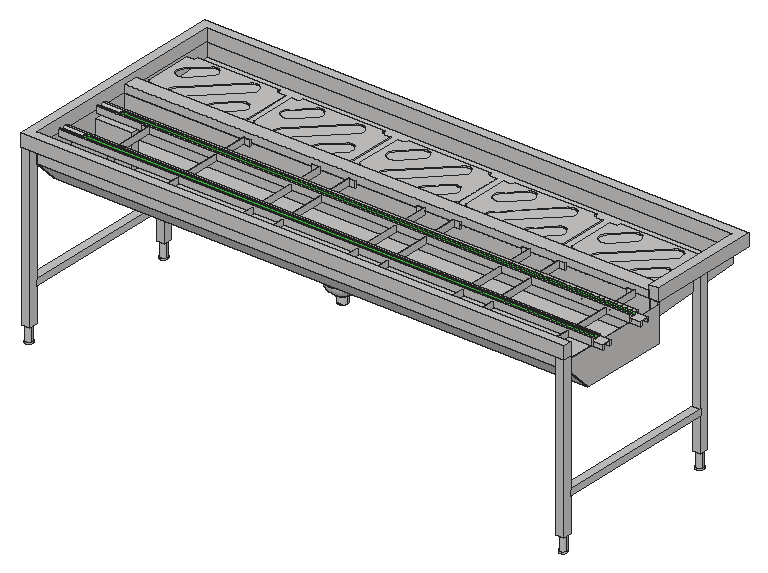
Revit family "QF_ELECTROLUXPROFESSIONAL_865475_HSAS5RL", category Specialty Equipment, Revit 2018
Family settings
  Round Connector Dimension = Use Diameter
  Part Type = Normal
  Work Plane-Based = No
  Always vertical = Yes
  Cut with Voids When Loaded = No
  Shared = No
  Room Calculation Point = No
Parameters (values of type "QF_ELECTROLUX_865475_HSAS5RL")
  Weight = 75.00 kg
  Watts = 0 W
  Volts = 0 V
  URL Manufacturer = "http://professional.electrolux.com"
  URL = "http://professional.electrolux.com"
  Steam Supply Size = 0 mm
  Steam Supply Minimum Pressure = 0.0 Pa
  Steam Supply Maximum Pressure = 0.0 Pa
  Steam Pounds per Hour = 0
  Refrigeration Suction Line Size = 0 mm
  Refrigeration Liquid Line Size = 0 mm
  Refrigerant Compressor Remote = yes
  Manufacturer = "Electrolux"
  Phase = 0
  Model = "HSAS5RL"
  Length Actual = 2640 mm  # constant formula
  Item Number = "865475"
  Hot Water Size = 0 mm
  Height Actual = 910 mm  # constant formula
  HP = "0 HP"
  Gas Size = 0 mm
  Gas KW = 0
  Gas Input Pressure = 0 W
  Description = "AUTOMATIC SORTING TABLE, 5 BASKETS, RIGHT>LEFT, 2640 MM "
  Depth Actual = 1110 mm  # constant formula
  Cycle = 0 Hz
  Condensate Return Size = 0 mm
  Compressed Air Volume = 0.0 L/s
  Compressed Air Size = 0 mm
  Compressed Air Pressure = 0.0 Pa
  Cold Water Size = 0 mm
  Accessory = yes
Reference planes
  plane 1: z = 0
  plane 2 "RIGHT": x = 1320
  plane 3: z = 910
  plane 4: z = 0
  plane 5: z = 270
  plane 6 "BACK": y = 310
  plane 7 "FRONT": y = -810
  plane 8 "LEFT": x = -1320
  plane 9 "Center": y = 0
  plane 10: x = 0
  plane 11: y = -500
  plane 12: y = -594.393
  plane 13: y = -634.393
Forms (mm)
  Extrusion 1, solid, material "QF_Finishes_Stainless Steel"
    sketch origin (0, -500, 0) x (-1, 0, 0) y (0, -1, 0)
      loop
        line (1320, -810) -> (1320, 310) -> (-1320, 310) -> (-1320, 265) -> (1275, 265) -> (1275, -764.81) -> (-1275, -764.81) -> (-1275, -265) -> (-1320, -265) -> (-1320, -810) -> (1320, -810)
    from 850.091 to 910
  Extrusion 2, solid, material "QF_Finishes_Stainless Steel"
    sketch origin (0, -500, 0) x (0, -1, 0) y (0, 0, 1)
      loop
        line (-267.466, 666.943) -> (162.534, 666.943) -> (266.249, 772.13) -> (266.249, 850.091) -> (265, 850.091) -> (265, 775.136) -> (161.279, 669.943) -> (-265, 669.943) -> (-265, 850.091) -> (-267.466, 850.091) -> (-267.466, 666.943)
    from -1317.022 to 1275
  Revolve 3, solid, material "QF_Finishes_Stainless Steel"
    sketch origin (0, -500.526, -194.395) x (-1, 0, 0) y (0, 0, 1)
      loop
        line (76.494, 861.337) -> (0, 861.337) -> (0, 697.377) -> (21.946, 697.377) -> (23.47, 698.838) -> (23.47, 734.749) -> (37.25, 740.749) -> (37.25, 742.336) -> (38.457, 743.987) -> (38.457, 746.476)
        arc (38.457, 746.476) -> (65.844, 763.962) -> (76.494, 794.661) r 49.516
        line (76.494, 794.661) -> (76.494, 834.985)
        arc (76.494, 834.985) -> (75.887, 836.598) -> (74.377, 837.43) r 2.49
        arc (74.377, 837.43) -> (71.083, 841.301) -> (74.39, 845.16) r 3.913
        arc (74.39, 845.16) -> (75.89, 845.987) -> (76.494, 847.59) r 2.474
        line (76.494, 847.59) -> (76.494, 861.337)
      axis (0, 861.337) -> (0, 697.377)
    angle from 0 to 360
  Extrusion 4, solid, material "QF_Finishes_Stainless Steel"
    sketch origin (0, -500, 0) x (-1, 0, 0) y (0, -1, 0)
      loop
        line (-1275, -330.124) -> (1275, -330.124) -> (1275, -265) -> (-1275, -265) -> (-1275, -330.124)
    from 850.091 to 888.506
  Extrusion 5, solid, material "QF_Finishes_Stainless Steel"
    sketch origin (6.015, -500, -632.691) x (-1, 0, 0) y (0, -1, 0)
      loop
        line (1283.015, 266.249) -> (1283.015, -521.738) -> (1323.015, -521.738) -> (1323.015, 266.249) -> (1283.015, 266.249)
    from 872.691 to 902.691
  Extrusion 6, solid, material "QF_Finishes_Stainless Steel"
    sketch origin (1319.022, -500, 0) x (0, -1, 0) y (0, 0, -1)
      loop
        line (162.534, -666.943) -> (-267.466, -666.943) -> (-267.466, -836.936) -> (265, -836.936) -> (265, -850.091) -> (266.249, -850.091) -> (266.249, -772.13) -> (162.534, -666.943)
    from 0 to -2
  Extrusion 7, solid, material "QF_Finishes_Stainless Steel"
    sketch origin (-3.978, -500.054, -628.981) x (1, 0, 0) y (0, 1, 0)
      loop
        line (1283, -266.195) -> (1323, -266.195) -> (1323, 521.792) -> (1283, 521.792) -> (1283, -266.195)
    from 869.081 to 898.981
  Extrusion 8, solid, material "QF_Finishes_Stainless Steel"
    sketch origin (-1277, -500, 0) x (0, -1, 0) y (0, 0, 1)
      loop
        line (162.534, 666.943) -> (266.249, 772.13) -> (266.249, 850.091) -> (265, 850.091) -> (-267.466, 850.091) -> (-267.466, 666.943) -> (162.534, 666.943)
    from 0 to -2
  Extrusion 9, solid, material "QF_Finishes_Stainless Steel"
    sketch origin (1319.022, -500, 0) x (0, -1, 0) y (0, 0, -1)
      loop
        line (94.393, -836.936) -> (92.393, -836.936) -> (92.393, -858.936) -> (136.393, -858.936) -> (136.393, -836.936) -> (134.393, -836.936) -> (134.393, -856.936) -> (94.393, -856.936) -> (94.393, -836.936)
    from -2594.022 to 53.111
  Extrusion 10, solid, material "QF_Finishes_Stainless Steel"
    sketch origin (1319.022, -500, 0) x (0, -1, 0) y (0, 0, -1)
      loop
        line (92.393, -836.936) -> (90.393, -836.936) -> (90.393, -868.936) -> (103.221, -868.936) -> (111.221, -860.936) -> (117.565, -860.936) -> (125.565, -868.936) -> (138.393, -868.936) -> (138.393, -836.936) -> (136.393, -836.936) -> (136.393, -866.936) -> (126.393, -866.936) -> (118.393, -858.936) -> (110.393, -858.936) -> (102.393, -866.936) -> (92.393, -866.936) -> (92.393, -836.936)
    from -2594.022 to 0.978
  Extrusion 11, solid, material "QF_Finishes_Stainless Steel"
    sketch origin (1319.022, -270, 0) x (0, -1, 0) y (0, 0, -1)
      loop
        line (94.393, -836.936) -> (92.393, -836.936) -> (92.393, -858.936) -> (136.393, -858.936) -> (136.393, -836.936) -> (134.393, -836.936) -> (134.393, -856.936) -> (94.393, -856.936) -> (94.393, -836.936)
    from -2594.022 to 53.111
  Extrusion 12, solid, material "QF_Finishes_Stainless Steel"
    sketch origin (1319.022, -270, 0) x (0, -1, 0) y (0, 0, -1)
      loop
        line (92.393, -836.936) -> (90.393, -836.936) -> (90.393, -868.936) -> (103.221, -868.936) -> (111.221, -860.936) -> (117.565, -860.936) -> (125.565, -868.936) -> (138.393, -868.936) -> (138.393, -836.936) -> (136.393, -836.936) -> (136.393, -866.936) -> (126.393, -866.936) -> (118.393, -858.936) -> (110.393, -858.936) -> (102.393, -866.936) -> (92.393, -866.936) -> (92.393, -836.936)
    from -2594.022 to 0.978
  Sweep 13, solid, material "QF_Finishes_Green"
    path origin (299.022, -390.58, 875.352) x (0, -0.0016, 0.999999) y (1, 0, 0)
      loop
        line (-6.295, 1020.978) -> (-6.295, -1449.022)
        arc (-6.295, -1449.022) -> (-15.081, -1470.236) -> (-36.295, -1479.022) r 30
        line (-36.295, -1479.022) -> (-41.295, -1479.022)
    profile origin (85, -390.569, 869.057) x (0, -0.0016, 0.999999) y (0, 0.999999, 0.0016)
      loop
        circle (-1.513, 6.483) r 6.399
  Sweep 14, solid, material "QF_Finishes_Green"
    path origin (299.022, -620.58, 875.352) x (0, -0.0016, 0.999999) y (1, 0, 0)
      loop
        line (-6.295, 1020.978) -> (-6.295, -1449.022)
        arc (-6.295, -1449.022) -> (-15.081, -1470.236) -> (-36.295, -1479.022) r 30
        line (-36.295, -1479.022) -> (-41.295, -1479.022)
    profile origin (85, -620.569, 869.057) x (0, -0.0016, 0.999999) y (0, 0.999999, 0.0016)
      loop
        circle (-1.513, 6.483) r 6.399
  Extrusion 15, solid, material "QF_Finishes_Stainless Steel"
    sketch origin (0, -500, 0) x (1, 0, 0) y (0, 1, 0)
      loop
        line (-662.58, 265) -> (-694.789, 265) -> (-694.789, -265) -> (-327.015, -265) -> (-327.015, 265) -> (-359.388, 265) -> (-359.388, 262) -> (-330.015, 262) -> (-330.015, -262) -> (-691.789, -262) -> (-691.789, 262) -> (-662.58, 262) -> (-662.58, 265)
    from 831.234 to 860.936
  Extrusion 16, solid, material "QF_Finishes_Stainless Steel"
    sketch origin (510, -500, 0) x (1, 0, 0) y (0, 1, 0)
      loop
        line (-662.58, 265) -> (-694.789, 265) -> (-694.789, -265) -> (-327.015, -265) -> (-327.015, 265) -> (-359.388, 265) -> (-359.388, 262) -> (-330.015, 262) -> (-330.015, -262) -> (-691.789, -262) -> (-691.789, 262) -> (-662.58, 262) -> (-662.58, 265)
    from 831.234 to 860.936
  Extrusion 17, solid, material "QF_Finishes_Stainless Steel"
    sketch origin (0, -500, 0) x (1, 0, 0) y (0, 1, 0)
      loop
        line (-1247.085, -53.571) -> (-1247.085, -90.393) -> (-1072.085, -90.393) -> (-1072.085, -53.571) -> (-1247.085, -53.571)
    from 669.943 to 836.936
  Extrusion 18, solid, material "QF_Finishes_Stainless Steel"
    sketch origin (0, -354.822, 0) x (1, 0, 0) y (0, 1, 0)
      loop
        line (-1247.085, -53.571) -> (-1247.085, -90.393) -> (-1072.085, -90.393) -> (-1072.085, -53.571) -> (-1247.085, -53.571)
    from 669.943 to 836.936
  Extrusion 19, solid, material "QF_Finishes_Stainless Steel"
    sketch origin (0, -500, 0) x (1, 0, 0) y (0, 1, 0)
      loop
        line (-1047.085, 91.607) -> (-1047.085, 88.607) -> (-1018.387, 88.607) -> (-1018.387, -90.393) -> (-987.085, -90.393) -> (-987.085, -87.393) -> (-1015.387, -87.393) -> (-1015.387, 91.607) -> (-1047.085, 91.607)
    from 836.936 to 868.936
  Extrusion 20, solid, material "QF_Finishes_Stainless Steel"
    sketch origin (1319.022, -500, 0) x (0, -1, 0) y (0, 0, -1)
      loop
        line (-767.81, -850.091) -> (-764.81, -850.091) -> (-764.81, -784.846) -> (-270.466, -750.278) -> (-270.466, -850.091) -> (-267.466, -850.091) -> (-267.466, -747.061) -> (-767.81, -782.048) -> (-767.81, -850.091)
    from -2594.022 to -42
  Extrusion 21, solid, material "QF_Finishes_Stainless Steel"
    sketch origin (1319.022, -500, 0) x (0, -1, 0) y (0, 0, -1)
      loop
        line (-767.81, -850.091) -> (-267.466, -850.091) -> (-267.466, -747.061) -> (-767.81, -782.048) -> (-767.81, -850.091)
    from -40 to -42
  Extrusion 22, solid, material "QF_Finishes_Stainless Steel"
    sketch origin (-1319.022, -500, 0) x (0, -1, 0) y (0, 0, 1)
      loop
        line (-767.81, 850.091) -> (-767.81, 782.048) -> (-267.466, 747.061) -> (-267.466, 850.091) -> (-767.81, 850.091)
    from -42.022 to -44.022
  Extrusion 23, solid, material "QF_Finishes_Stainless Steel"
    sketch origin (-7.5, -500, 842.5) x (1, 0, 0) y (0, 1, 0)
      loop
        line (-1220.383, 339.221) -> (-825.383, 339.221) -> (-825.383, 389.221) -> (-795.383, 389.221)
        arc (-795.383, 389.221) -> (-784.776, 393.614) -> (-780.383, 404.221) r 15
        line (-780.383, 404.221) -> (-780.383, 634.221) -> (-810.383, 634.221)
        arc (-810.383, 634.221) -> (-820.989, 638.614) -> (-825.383, 649.221) r 15
        line (-825.383, 649.221) -> (-825.383, 654.221) -> (-1220.383, 654.221) -> (-1220.383, 644.221)
        arc (-1220.383, 644.221) -> (-1223.312, 637.149) -> (-1230.383, 634.221) r 10
        line (-1230.383, 634.221) -> (-1260.383, 634.221) -> (-1260.383, 409.221)
        arc (-1260.383, 409.221) -> (-1254.525, 395.078) -> (-1240.383, 389.221) r 20
        line (-1240.383, 389.221) -> (-1220.383, 389.221) -> (-1220.383, 339.221)
      loop
        arc (-1214.7, 558.44) -> (-1214.7, 505.407) -> (-1161.667, 505.407) r 37.5
        line (-1161.667, 505.407) -> (-1085.887, 581.188)
        arc (-1085.887, 581.188) -> (-1092.336, 627.771) -> (-1138.92, 634.221) r 38.966
        line (-1138.92, 634.221) -> (-1214.7, 558.44)
      loop
        arc (-1146.92, 425.368) -> (-1146.92, 372.335) -> (-1093.887, 372.335) r 37.5
        line (-1093.887, 372.335) -> (-883.322, 582.9)
        arc (-883.322, 582.9) -> (-895.135, 629.379) -> (-943.092, 629.196) r 38.966
        line (-943.092, 629.196) -> (-1146.92, 425.368)
      loop
        arc (-956.718, 418.538) -> (-956.718, 365.505) -> (-903.685, 365.505) r 37.5
        line (-903.685, 365.505) -> (-827.905, 441.286)
        arc (-827.905, 441.286) -> (-834.354, 487.869) -> (-880.938, 494.319) r 38.966
        line (-880.938, 494.319) -> (-956.718, 418.538)
    from 0 to 3
  Extrusion 24, solid, material "QF_Finishes_Stainless Steel"
    sketch origin (502.5, -500, 842.5) x (1, 0, 0) y (0, 1, 0)
      loop
        line (-1220.383, 339.221) -> (-825.383, 339.221) -> (-825.383, 389.221) -> (-795.383, 389.221)
        arc (-795.383, 389.221) -> (-784.776, 393.614) -> (-780.383, 404.221) r 15
        line (-780.383, 404.221) -> (-780.383, 634.221) -> (-810.383, 634.221)
        arc (-810.383, 634.221) -> (-820.989, 638.614) -> (-825.383, 649.221) r 15
        line (-825.383, 649.221) -> (-825.383, 654.221) -> (-1220.383, 654.221) -> (-1220.383, 644.221)
        arc (-1220.383, 644.221) -> (-1223.312, 637.149) -> (-1230.383, 634.221) r 10
        line (-1230.383, 634.221) -> (-1260.383, 634.221) -> (-1260.383, 409.221)
        arc (-1260.383, 409.221) -> (-1254.525, 395.078) -> (-1240.383, 389.221) r 20
        line (-1240.383, 389.221) -> (-1220.383, 389.221) -> (-1220.383, 339.221)
      loop
        arc (-1214.7, 558.44) -> (-1214.7, 505.407) -> (-1161.667, 505.407) r 37.5
        line (-1161.667, 505.407) -> (-1085.887, 581.188)
        arc (-1085.887, 581.188) -> (-1092.336, 627.771) -> (-1138.92, 634.221) r 38.966
        line (-1138.92, 634.221) -> (-1214.7, 558.44)
      loop
        arc (-1146.92, 425.368) -> (-1146.92, 372.335) -> (-1093.887, 372.335) r 37.5
        line (-1093.887, 372.335) -> (-883.322, 582.9)
        arc (-883.322, 582.9) -> (-895.135, 629.379) -> (-943.092, 629.196) r 38.966
        line (-943.092, 629.196) -> (-1146.92, 425.368)
      loop
        arc (-956.718, 418.538) -> (-956.718, 365.505) -> (-903.685, 365.505) r 37.5
        line (-903.685, 365.505) -> (-827.905, 441.286)
        arc (-827.905, 441.286) -> (-834.354, 487.869) -> (-880.938, 494.319) r 38.966
        line (-880.938, 494.319) -> (-956.718, 418.538)
    from 0 to 3
  Extrusion 25, solid, material "QF_Finishes_Stainless Steel"
    sketch origin (1017.5, -500, 842.5) x (1, 0, 0) y (0, 1, 0)
      loop
        line (-1220.383, 339.221) -> (-825.383, 339.221) -> (-825.383, 389.221) -> (-795.383, 389.221)
        arc (-795.383, 389.221) -> (-784.776, 393.614) -> (-780.383, 404.221) r 15
        line (-780.383, 404.221) -> (-780.383, 634.221) -> (-810.383, 634.221)
        arc (-810.383, 634.221) -> (-820.989, 638.614) -> (-825.383, 649.221) r 15
        line (-825.383, 649.221) -> (-825.383, 654.221) -> (-1220.383, 654.221) -> (-1220.383, 644.221)
        arc (-1220.383, 644.221) -> (-1223.312, 637.149) -> (-1230.383, 634.221) r 10
        line (-1230.383, 634.221) -> (-1260.383, 634.221) -> (-1260.383, 409.221)
        arc (-1260.383, 409.221) -> (-1254.525, 395.078) -> (-1240.383, 389.221) r 20
        line (-1240.383, 389.221) -> (-1220.383, 389.221) -> (-1220.383, 339.221)
      loop
        arc (-1214.7, 558.44) -> (-1214.7, 505.407) -> (-1161.667, 505.407) r 37.5
        line (-1161.667, 505.407) -> (-1085.887, 581.188)
        arc (-1085.887, 581.188) -> (-1092.336, 627.771) -> (-1138.92, 634.221) r 38.966
        line (-1138.92, 634.221) -> (-1214.7, 558.44)
      loop
        arc (-1146.92, 425.368) -> (-1146.92, 372.335) -> (-1093.887, 372.335) r 37.5
        line (-1093.887, 372.335) -> (-883.322, 582.9)
        arc (-883.322, 582.9) -> (-895.135, 629.379) -> (-943.092, 629.196) r 38.966
        line (-943.092, 629.196) -> (-1146.92, 425.368)
      loop
        arc (-956.718, 418.538) -> (-956.718, 365.505) -> (-903.685, 365.505) r 37.5
        line (-903.685, 365.505) -> (-827.905, 441.286)
        arc (-827.905, 441.286) -> (-834.354, 487.869) -> (-880.938, 494.319) r 38.966
        line (-880.938, 494.319) -> (-956.718, 418.538)
    from 0 to 3
  Extrusion 26, solid, material "QF_Finishes_Stainless Steel"
    sketch origin (1020, -500, 0) x (1, 0, 0) y (0, 1, 0)
      loop
        line (-662.58, 265) -> (-694.789, 265) -> (-694.789, -265) -> (-327.015, -265) -> (-327.015, 265) -> (-359.388, 265) -> (-359.388, 262) -> (-330.015, 262) -> (-330.015, -262) -> (-691.789, -262) -> (-691.789, 262) -> (-662.58, 262) -> (-662.58, 265)
    from 831.234 to 860.936
  Extrusion 27, solid, material "QF_Finishes_Stainless Steel"
    sketch origin (1532.5, -500, 842.5) x (1, 0, 0) y (0, 1, 0)
      loop
        line (-1220.383, 339.221) -> (-825.383, 339.221) -> (-825.383, 389.221) -> (-795.383, 389.221)
        arc (-795.383, 389.221) -> (-784.776, 393.614) -> (-780.383, 404.221) r 15
        line (-780.383, 404.221) -> (-780.383, 634.221) -> (-810.383, 634.221)
        arc (-810.383, 634.221) -> (-820.989, 638.614) -> (-825.383, 649.221) r 15
        line (-825.383, 649.221) -> (-825.383, 654.221) -> (-1220.383, 654.221) -> (-1220.383, 644.221)
        arc (-1220.383, 644.221) -> (-1223.312, 637.149) -> (-1230.383, 634.221) r 10
        line (-1230.383, 634.221) -> (-1260.383, 634.221) -> (-1260.383, 409.221)
        arc (-1260.383, 409.221) -> (-1254.525, 395.078) -> (-1240.383, 389.221) r 20
        line (-1240.383, 389.221) -> (-1220.383, 389.221) -> (-1220.383, 339.221)
      loop
        arc (-1214.7, 558.44) -> (-1214.7, 505.407) -> (-1161.667, 505.407) r 37.5
        line (-1161.667, 505.407) -> (-1085.887, 581.188)
        arc (-1085.887, 581.188) -> (-1092.336, 627.771) -> (-1138.92, 634.221) r 38.966
        line (-1138.92, 634.221) -> (-1214.7, 558.44)
      loop
        arc (-1146.92, 425.368) -> (-1146.92, 372.335) -> (-1093.887, 372.335) r 37.5
        line (-1093.887, 372.335) -> (-883.322, 582.9)
        arc (-883.322, 582.9) -> (-895.135, 629.379) -> (-943.092, 629.196) r 38.966
        line (-943.092, 629.196) -> (-1146.92, 425.368)
      loop
        arc (-956.718, 418.538) -> (-956.718, 365.505) -> (-903.685, 365.505) r 37.5
        line (-903.685, 365.505) -> (-827.905, 441.286)
        arc (-827.905, 441.286) -> (-834.354, 487.869) -> (-880.938, 494.319) r 38.966
        line (-880.938, 494.319) -> (-956.718, 418.538)
    from 0 to 3
  Extrusion 28, solid, material "QF_Finishes_Stainless Steel"
    sketch origin (2047.5, -500, 842.5) x (1, 0, 0) y (0, 1, 0)
      loop
        line (-1220.383, 339.221) -> (-825.383, 339.221) -> (-825.383, 389.221) -> (-795.383, 389.221)
        arc (-795.383, 389.221) -> (-784.776, 393.614) -> (-780.383, 404.221) r 15
        line (-780.383, 404.221) -> (-780.383, 634.221) -> (-810.383, 634.221)
        arc (-810.383, 634.221) -> (-820.989, 638.614) -> (-825.383, 649.221) r 15
        line (-825.383, 649.221) -> (-825.383, 654.221) -> (-1220.383, 654.221) -> (-1220.383, 644.221)
        arc (-1220.383, 644.221) -> (-1223.312, 637.149) -> (-1230.383, 634.221) r 10
        line (-1230.383, 634.221) -> (-1260.383, 634.221) -> (-1260.383, 409.221)
        arc (-1260.383, 409.221) -> (-1254.525, 395.078) -> (-1240.383, 389.221) r 20
        line (-1240.383, 389.221) -> (-1220.383, 389.221) -> (-1220.383, 339.221)
      loop
        arc (-1214.7, 558.44) -> (-1214.7, 505.407) -> (-1161.667, 505.407) r 37.5
        line (-1161.667, 505.407) -> (-1085.887, 581.188)
        arc (-1085.887, 581.188) -> (-1092.336, 627.771) -> (-1138.92, 634.221) r 38.966
        line (-1138.92, 634.221) -> (-1214.7, 558.44)
      loop
        arc (-1146.92, 425.368) -> (-1146.92, 372.335) -> (-1093.887, 372.335) r 37.5
        line (-1093.887, 372.335) -> (-883.322, 582.9)
        arc (-883.322, 582.9) -> (-895.135, 629.379) -> (-943.092, 629.196) r 38.966
        line (-943.092, 629.196) -> (-1146.92, 425.368)
      loop
        arc (-956.718, 418.538) -> (-956.718, 365.505) -> (-903.685, 365.505) r 37.5
        line (-903.685, 365.505) -> (-827.905, 441.286)
        arc (-827.905, 441.286) -> (-834.354, 487.869) -> (-880.938, 494.319) r 38.966
        line (-880.938, 494.319) -> (-956.718, 418.538)
    from 0 to 3
  Extrusion 29, solid, material "QF_Finishes_Stainless Steel"
    sketch origin (1530, -500, 0) x (1, 0, 0) y (0, 1, 0)
      loop
        line (-662.58, 265) -> (-694.789, 265) -> (-694.789, -265) -> (-327.015, -265) -> (-327.015, 265) -> (-359.388, 265) -> (-359.388, 262) -> (-330.015, 262) -> (-330.015, -262) -> (-691.789, -262) -> (-691.789, 262) -> (-662.58, 262) -> (-662.58, 265)
    from 831.234 to 860.936
Lines and regions (mm)
  Split face 1
    outline origin (-765, -661.279, 669.943) x (1, 0, 0) y (0, 1, 0)
      loop
        circle (765, 161.279) r 76.496
  Split face 2
    outline origin (-765, -661.279, 669.943) x (1, 0, 0) y (0, 1, 0)
      loop
        circle (765, 161.279) r 56.496
  Split face 3
    outline origin (-765, -661.279, 669.943) x (1, 0, 0) y (0, 1, 0)
      loop
        circle (765, 161.279) r 36.496
  Split face 4
    outline origin (-765, -661.279, 669.943) x (1, 0, 0) y (0, 1, 0)
      loop
        circle (765, 161.279) r 16.496
  symbolic lines
    curve 1: line (-1320, -810, 0) -> (1320, -810, 0)
    curve 2: line (-1320, 310, 0) -> (-1320, -810, 0)
    curve 3: line (1320, 310, 0) -> (-1320, 310, 0)
    curve 4: line (1320, -810, 0) -> (1320, 310, 0)
    curve 5: line (-1275, -765, 0) -> (1320, -765, 0)
    curve 6: line (-1275, 265, 0) -> (-1275, -765, 0)
    curve 7: line (1275, 265, 0) -> (-1275, 265, 0)
    curve 8: line (-1275, -235, 0) -> (1320, -235, 0)
    curve 9: line (1275, -169.876, 0) -> (-1275, -169.876, 0)
    curve 10: line (1275, 265, 0) -> (1275, -169.876, 0)
    curve 11: line (1320, -500, 0) -> (1290, -500, 0)
    curve 12: arc (76.496, -500, 0) -> (0, -423.504, 0) -> (-76.496, -500, 0) r 76.496
    curve 13: arc (-76.496, -500, 0) -> (0, -576.496, 0) -> (76.496, -500, 0) r 76.496
    curve 14: arc (-16.496, -500, 0) -> (0, -483.504, 0) -> (16.496, -500, 0) r 16.496
    curve 15: arc (16.496, -500, 0) -> (0, -516.496, 0) -> (-16.496, -500, 0) r 16.496
    curve 16: line (1320, -638.393, 0) -> (-1275, -638.393, 0)
    curve 17: line (-1275, -590.393, 0) -> (1320, -590.393, 0)
    curve 18: line (1320, -408.393, 0) -> (-1275, -408.393, 0)
    curve 19: line (-1275, -360.393, 0) -> (1320, -360.393, 0)
    curve 20: line (-1275, -625.565, 0) -> (1320, -625.565, 0)
    curve 21: line (-1275, -603.221, 0) -> (1320, -603.221, 0)
    curve 22: line (-1275, -395.565, 0) -> (1320, -395.565, 0)
    curve 23: line (-1275, -373.221, 0) -> (1320, -373.221, 0)
    curve 24: line (-694.789, -765, 0) -> (-694.789, -638.393, 0)
    curve 25: line (-694.789, -590.393, 0) -> (-694.789, -408.393, 0)
    curve 26: line (-694.789, -360.393, 0) -> (-694.789, -235, 0)
    curve 27: line (-662.58, -235, 0) -> (-662.58, -238, 0)
    curve 28: line (-662.58, -238, 0) -> (-691.789, -238, 0)
    curve 29: line (-691.789, -238, 0) -> (-691.789, -360.393, 0)
    curve 30: line (-691.789, -408.393, 0) -> (-691.789, -590.393, 0)
    curve 31: line (-691.789, -638.393, 0) -> (-691.789, -762, 0)
    curve 32: line (-691.789, -762, 0) -> (-330.015, -762, 0)
    curve 33: line (-330.015, -762, 0) -> (-330.015, -638.393, 0)
    curve 34: line (-330.015, -590.393, 0) -> (-330.015, -408.393, 0)
    curve 35: line (-330.015, -360.393, 0) -> (-330.015, -238, 0)
    curve 36: line (-330.015, -238, 0) -> (-359.388, -238, 0)
    curve 37: line (-359.388, -238, 0) -> (-359.388, -235, 0)
    curve 38: line (-327.015, -235, 0) -> (-327.015, -360.393, 0)
    curve 39: line (-327.015, -590.393, 0) -> (-327.015, -408.393, 0)
    curve 40: line (-327.015, -765, 0) -> (-327.015, -638.393, 0)
    curve 41: line (-184.789, -765, 0) -> (-184.789, -638.393, 0)
    curve 42: line (-184.789, -590.393, 0) -> (-184.789, -408.393, 0)
    curve 43: line (-184.789, -360.393, 0) -> (-184.789, -235, 0)
    curve 44: line (-152.58, -235, 0) -> (-152.58, -238, 0)
    curve 45: line (-152.58, -238, 0) -> (-181.789, -238, 0)
    curve 46: line (-181.789, -238, 0) -> (-181.789, -360.393, 0)
    curve 47: line (-181.789, -408.393, 0) -> (-181.789, -590.393, 0)
    curve 48: line (-181.789, -638.393, 0) -> (-181.789, -762, 0)
    curve 49: line (-181.789, -762, 0) -> (179.985, -762, 0)
    curve 50: line (179.985, -762, 0) -> (179.985, -638.393, 0)
    curve 51: line (179.985, -590.393, 0) -> (179.985, -408.393, 0)
    curve 52: line (179.985, -360.393, 0) -> (179.985, -238, 0)
    curve 53: line (179.985, -238, 0) -> (150.612, -238, 0)
    curve 54: line (150.612, -238, 0) -> (150.612, -235, 0)
    curve 55: line (182.985, -235, 0) -> (182.985, -360.393, 0)
    curve 56: line (182.985, -590.393, 0) -> (182.985, -408.393, 0)
    curve 57: line (182.985, -765, 0) -> (182.985, -638.393, 0)
    curve 58: line (-1247.085, -590.393, 0) -> (-1247.085, -553.571, 0)
    curve 59: line (-1247.085, -553.571, 0) -> (-1072.085, -553.571, 0)
    curve 60: line (-1072.085, -553.571, 0) -> (-1072.085, -590.393, 0)
    curve 61: line (-1247.085, -408.393, 0) -> (-1247.085, -445.215, 0)
    curve 62: line (-1247.085, -445.215, 0) -> (-1072.085, -445.215, 0)
    curve 63: line (-1072.085, -445.215, 0) -> (-1072.085, -408.393, 0)
    curve 64: line (-1047.085, -408.393, 0) -> (-1047.085, -411.393, 0)
    curve 65: line (-1047.085, -411.393, 0) -> (-1018.387, -411.393, 0)
    curve 66: line (-1018.387, -411.393, 0) -> (-1018.387, -590.393, 0)
    curve 67: line (-987.085, -590.393, 0) -> (-987.085, -587.393, 0)
    curve 68: line (-987.085, -587.393, 0) -> (-1015.387, -587.393, 0)
    curve 69: line (-1015.387, -587.393, 0) -> (-1015.387, -408.393, 0)
    curve 70: line (-1227.883, 154.221, 0) -> (-832.883, 154.221, 0)
    curve 71: line (-832.883, 154.221, 0) -> (-832.883, 149.221, 0)
    curve 72: arc (-832.883, 149.221, 0) -> (-828.489, 138.614, 0) -> (-817.883, 134.221, 0) r 15
    curve 73: line (-817.883, 134.221, 0) -> (-787.883, 134.221, 0)
    curve 74: line (-787.883, 134.221, 0) -> (-787.883, -95.779, 0)
    curve 75: arc (-787.883, -95.779, 0) -> (-792.276, -106.386, 0) -> (-802.883, -110.779, 0) r 15
    curve 76: line (-802.883, -110.779, 0) -> (-832.883, -110.779, 0)
    curve 77: line (-832.883, -110.779, 0) -> (-832.883, -160.779, 0)
    curve 78: line (-832.883, -160.779, 0) -> (-1227.883, -160.779, 0)
    curve 79: line (-1227.883, -160.779, 0) -> (-1227.883, -110.779, 0)
    curve 80: line (-1227.883, -110.779, 0) -> (-1247.883, -110.779, 0)
    curve 81: arc (-1247.883, -110.779, 0) -> (-1262.025, -104.922, 0) -> (-1267.883, -90.779, 0) r 20
    curve 82: line (-1267.883, -90.779, 0) -> (-1267.883, 134.221, 0)
    curve 83: line (-1267.883, 134.221, 0) -> (-1237.883, 134.221, 0)
    curve 84: arc (-1237.883, 134.221, 0) -> (-1230.812, 137.149, 0) -> (-1227.883, 144.221, 0) r 10
    curve 85: line (-1227.883, 144.221, 0) -> (-1227.883, 154.221, 0)
    curve 86: line (-1146.42, 134.221, 0) -> (-1222.2, 58.44, 0)
    curve 87: arc (-1222.2, 58.44, 0) -> (-1222.2, 5.407, 0) -> (-1169.167, 5.407, 0) r 37.5
    curve 88: line (-1169.167, 5.407, 0) -> (-1093.387, 81.188, 0)
    curve 89: arc (-1093.387, 81.188, 0) -> (-1099.836, 127.771, 0) -> (-1146.42, 134.221, 0) r 38.966
    curve 90: line (-950.592, 129.196, 0) -> (-1154.42, -74.632, 0)
    curve 91: arc (-1154.42, -74.632, 0) -> (-1154.42, -127.665, 0) -> (-1101.387, -127.665, 0) r 37.5
    curve 92: line (-1101.387, -127.665, 0) -> (-890.822, 82.9, 0)
    curve 93: arc (-890.822, 82.9, 0) -> (-902.635, 129.379, 0) -> (-950.592, 129.196, 0) r 38.966
    curve 94: line (-888.438, -5.681, 0) -> (-964.218, -81.462, 0)
    curve 95: arc (-964.218, -81.462, 0) -> (-964.218, -134.495, 0) -> (-911.185, -134.495, 0) r 37.5
    curve 96: line (-911.185, -134.495, 0) -> (-835.405, -58.714, 0)
    curve 97: arc (-835.405, -58.714, 0) -> (-841.854, -12.131, 0) -> (-888.438, -5.681, 0) r 38.966
    curve 98: line (-757.883, -90.779, 0) -> (-757.883, 134.221, 0)
    curve 99: line (-757.883, 134.221, 0) -> (-727.883, 134.221, 0)
    curve 100: arc (-727.883, 134.221, 0) -> (-720.812, 137.149, 0) -> (-717.883, 144.221, 0) r 10
    curve 101: line (-717.883, 144.221, 0) -> (-717.883, 154.221, 0)
    curve 102: line (-717.883, 154.221, 0) -> (-322.883, 154.221, 0)
    curve 103: line (-322.883, 154.221, 0) -> (-322.883, 149.221, 0)
    curve 104: arc (-322.883, 149.221, 0) -> (-318.489, 138.614, 0) -> (-307.883, 134.221, 0) r 15
    curve 105: line (-307.883, 134.221, 0) -> (-277.883, 134.221, 0)
    curve 106: line (-277.883, 134.221, 0) -> (-277.883, -95.779, 0)
    curve 107: arc (-277.883, -95.779, 0) -> (-282.276, -106.386, 0) -> (-292.883, -110.779, 0) r 15
    curve 108: line (-292.883, -110.779, 0) -> (-322.883, -110.779, 0)
    curve 109: line (-322.883, -110.779, 0) -> (-322.883, -160.779, 0)
    curve 110: line (-322.883, -160.779, 0) -> (-717.883, -160.779, 0)
    curve 111: line (-717.883, -160.779, 0) -> (-717.883, -110.779, 0)
    curve 112: line (-717.883, -110.779, 0) -> (-737.883, -110.779, 0)
    curve 113: arc (-737.883, -110.779, 0) -> (-752.025, -104.922, 0) -> (-757.883, -90.779, 0) r 20
    curve 114: line (-659.167, 5.407, 0) -> (-583.387, 81.188, 0)
    curve 115: arc (-583.387, 81.188, 0) -> (-589.836, 127.771, 0) -> (-636.42, 134.221, 0) r 38.966
    curve 116: line (-636.42, 134.221, 0) -> (-712.2, 58.44, 0)
    curve 117: arc (-712.2, 58.44, 0) -> (-712.2, 5.407, 0) -> (-659.167, 5.407, 0) r 37.5
    curve 118: line (-440.592, 129.196, 0) -> (-644.42, -74.632, 0)
    curve 119: arc (-644.42, -74.632, 0) -> (-644.42, -127.665, 0) -> (-591.387, -127.665, 0) r 37.5
    curve 120: line (-591.387, -127.665, 0) -> (-380.822, 82.9, 0)
    curve 121: arc (-380.822, 82.9, 0) -> (-392.635, 129.379, 0) -> (-440.592, 129.196, 0) r 38.966
    curve 122: line (-378.438, -5.681, 0) -> (-454.218, -81.462, 0)
    curve 123: arc (-454.218, -81.462, 0) -> (-454.218, -134.495, 0) -> (-401.185, -134.495, 0) r 37.5
    curve 124: line (-401.185, -134.495, 0) -> (-325.405, -58.714, 0)
    curve 125: arc (-325.405, -58.714, 0) -> (-331.854, -12.131, 0) -> (-378.438, -5.681, 0) r 38.966
    curve 126: line (-242.883, -90.779, 0) -> (-242.883, 134.221, 0)
    curve 127: line (-242.883, 134.221, 0) -> (-212.883, 134.221, 0)
    curve 128: arc (-212.883, 134.221, 0) -> (-205.812, 137.149, 0) -> (-202.883, 144.221, 0) r 10
    curve 129: line (-202.883, 144.221, 0) -> (-202.883, 154.221, 0)
    curve 130: line (-202.883, 154.221, 0) -> (192.117, 154.221, 0)
    curve 131: line (192.117, 154.221, 0) -> (192.117, 149.221, 0)
    curve 132: arc (192.117, 149.221, 0) -> (196.511, 138.614, 0) -> (207.117, 134.221, 0) r 15
    curve 133: line (207.117, 134.221, 0) -> (237.117, 134.221, 0)
    curve 134: line (237.117, 134.221, 0) -> (237.117, -95.779, 0)
    curve 135: arc (237.117, -95.779, 0) -> (232.724, -106.386, 0) -> (222.117, -110.779, 0) r 15
    curve 136: line (222.117, -110.779, 0) -> (192.117, -110.779, 0)
    curve 137: line (192.117, -110.779, 0) -> (192.117, -160.779, 0)
    curve 138: line (192.117, -160.779, 0) -> (-202.883, -160.779, 0)
    curve 139: line (-202.883, -160.779, 0) -> (-202.883, -110.779, 0)
    curve 140: line (-202.883, -110.779, 0) -> (-222.883, -110.779, 0)
    curve 141: arc (-222.883, -110.779, 0) -> (-237.025, -104.922, 0) -> (-242.883, -90.779, 0) r 20
    curve 142: line (-144.167, 5.407, 0) -> (-68.387, 81.188, 0)
    curve 143: arc (-68.387, 81.188, 0) -> (-74.836, 127.771, 0) -> (-121.42, 134.221, 0) r 38.966
    curve 144: line (-121.42, 134.221, 0) -> (-197.2, 58.44, 0)
    curve 145: arc (-197.2, 58.44, 0) -> (-197.2, 5.407, 0) -> (-144.167, 5.407, 0) r 37.5
    curve 146: line (74.408, 129.196, 0) -> (-129.42, -74.632, 0)
    curve 147: arc (-129.42, -74.632, 0) -> (-129.42, -127.665, 0) -> (-76.387, -127.665, 0) r 37.5
    curve 148: line (-76.387, -127.665, 0) -> (134.178, 82.9, 0)
    curve 149: arc (134.178, 82.9, 0) -> (122.365, 129.379, 0) -> (74.408, 129.196, 0) r 38.966
    curve 150: line (136.562, -5.681, 0) -> (60.782, -81.462, 0)
    curve 151: arc (60.782, -81.462, 0) -> (60.782, -134.495, 0) -> (113.815, -134.495, 0) r 37.5
    curve 152: line (113.815, -134.495, 0) -> (189.595, -58.714, 0)
    curve 153: arc (189.595, -58.714, 0) -> (183.146, -12.131, 0) -> (136.562, -5.681, 0) r 38.966
    curve 154: line (1320, -636.393, 0) -> (1372.133, -636.393, 0)
    curve 155: line (1372.133, -636.393, 0) -> (1372.133, -592.393, 0)
    curve 156: line (1372.133, -592.393, 0) -> (1320, -592.393, 0)
    curve 157: line (1320, -406.393, 0) -> (1372.133, -406.393, 0)
    curve 158: line (1372.133, -406.393, 0) -> (1372.133, -362.393, 0)
    curve 159: line (1372.133, -362.393, 0) -> (1320, -362.393, 0)
    curve 160: line (1320, -607.675, 0) -> (-1165, -607.675, 0)
    curve 161: line (-1165, -620.486, 0) -> (1320, -620.486, 0)
    curve 162: arc (-1165, -607.675, 0) -> (-1171.406, -614.08, 0) -> (-1165, -620.486, 0) r 6.406
    curve 163: line (1320, -377.672, 0) -> (-1165, -377.672, 0)
    curve 164: line (-1165, -390.484, 0) -> (1320, -390.484, 0)
    curve 165: arc (-1165, -377.672, 0) -> (-1171.406, -384.078, 0) -> (-1165, -390.484, 0) r 6.406
    curve 166: line (272.117, -90.779, 0) -> (272.117, 134.221, 0)
    curve 167: line (272.117, 134.221, 0) -> (302.117, 134.221, 0)
    curve 168: arc (302.117, 134.221, 0) -> (309.188, 137.149, 0) -> (312.117, 144.221, 0) r 10
    curve 169: line (312.117, 144.221, 0) -> (312.117, 154.221, 0)
    curve 170: line (312.117, 154.221, 0) -> (707.117, 154.221, 0)
    curve 171: line (707.117, 154.221, 0) -> (707.117, 149.221, 0)
    curve 172: arc (707.117, 149.221, 0) -> (711.511, 138.614, 0) -> (722.117, 134.221, 0) r 15
    curve 173: line (722.117, 134.221, 0) -> (752.117, 134.221, 0)
    curve 174: line (752.117, 134.221, 0) -> (752.117, -95.779, 0)
    curve 175: arc (752.117, -95.779, 0) -> (747.724, -106.386, 0) -> (737.117, -110.779, 0) r 15
    curve 176: line (737.117, -110.779, 0) -> (707.117, -110.779, 0)
    curve 177: line (707.117, -110.779, 0) -> (707.117, -160.779, 0)
    curve 178: line (707.117, -160.779, 0) -> (312.117, -160.779, 0)
    curve 179: line (312.117, -160.779, 0) -> (312.117, -110.779, 0)
    curve 180: line (312.117, -110.779, 0) -> (292.117, -110.779, 0)
    curve 181: arc (292.117, -110.779, 0) -> (277.975, -104.922, 0) -> (272.117, -90.779, 0) r 20
    curve 182: line (370.833, 5.407, 0) -> (446.613, 81.188, 0)
    curve 183: arc (446.613, 81.188, 0) -> (440.164, 127.771, 0) -> (393.58, 134.221, 0) r 38.966
    curve 184: line (393.58, 134.221, 0) -> (317.8, 58.44, 0)
    curve 185: arc (317.8, 58.44, 0) -> (317.8, 5.407, 0) -> (370.833, 5.407, 0) r 37.5
    curve 186: line (589.408, 129.196, 0) -> (385.58, -74.632, 0)
    curve 187: arc (385.58, -74.632, 0) -> (385.58, -127.665, 0) -> (438.613, -127.665, 0) r 37.5
    curve 188: line (438.613, -127.665, 0) -> (649.178, 82.9, 0)
    curve 189: arc (649.178, 82.9, 0) -> (637.365, 129.379, 0) -> (589.408, 129.196, 0) r 38.966
    curve 190: line (651.562, -5.681, 0) -> (575.782, -81.462, 0)
    curve 191: arc (575.782, -81.462, 0) -> (575.782, -134.495, 0) -> (628.815, -134.495, 0) r 37.5
    curve 192: line (628.815, -134.495, 0) -> (704.595, -58.714, 0)
    curve 193: arc (704.595, -58.714, 0) -> (698.146, -12.131, 0) -> (651.562, -5.681, 0) r 38.966
    curve 194: line (325.211, -765, 0) -> (325.211, -638.393, 0)
    curve 195: line (325.211, -590.393, 0) -> (325.211, -408.393, 0)
    curve 196: line (325.211, -360.393, 0) -> (325.211, -235, 0)
    curve 197: line (357.42, -235, 0) -> (357.42, -238, 0)
    curve 198: line (357.42, -238, 0) -> (328.211, -238, 0)
    curve 199: line (328.211, -238, 0) -> (328.211, -360.393, 0)
    curve 200: line (328.211, -408.393, 0) -> (328.211, -590.393, 0)
    curve 201: line (328.211, -638.393, 0) -> (328.211, -762, 0)
    curve 202: line (328.211, -762, 0) -> (689.985, -762, 0)
    curve 203: line (689.985, -762, 0) -> (689.985, -638.393, 0)
    curve 204: line (689.985, -590.393, 0) -> (689.985, -408.393, 0)
    curve 205: line (689.985, -360.393, 0) -> (689.985, -238, 0)
    curve 206: line (689.985, -238, 0) -> (660.612, -238, 0)
    curve 207: line (660.612, -238, 0) -> (660.612, -235, 0)
    curve 208: line (692.985, -235, 0) -> (692.985, -360.393, 0)
    curve 209: line (692.985, -590.393, 0) -> (692.985, -408.393, 0)
    curve 210: line (692.985, -765, 0) -> (692.985, -638.393, 0)
    curve 211: line (787.117, -90.779, 0) -> (787.117, 134.221, 0)
    curve 212: line (787.117, 134.221, 0) -> (817.117, 134.221, 0)
    curve 213: arc (817.117, 134.221, 0) -> (824.188, 137.149, 0) -> (827.117, 144.221, 0) r 10
    curve 214: line (827.117, 144.221, 0) -> (827.117, 154.221, 0)
    curve 215: line (827.117, 154.221, 0) -> (1222.117, 154.221, 0)
    curve 216: line (1222.117, 154.221, 0) -> (1222.117, 149.221, 0)
    curve 217: arc (1222.117, 149.221, 0) -> (1226.511, 138.614, 0) -> (1237.117, 134.221, 0) r 15
    curve 218: line (1237.117, 134.221, 0) -> (1267.117, 134.221, 0)
    curve 219: line (1267.117, 134.221, 0) -> (1267.117, -95.779, 0)
    curve 220: arc (1267.117, -95.779, 0) -> (1262.724, -106.386, 0) -> (1252.117, -110.779, 0) r 15
    curve 221: line (1252.117, -110.779, 0) -> (1222.117, -110.779, 0)
    curve 222: line (1222.117, -110.779, 0) -> (1222.117, -160.779, 0)
    curve 223: line (1222.117, -160.779, 0) -> (827.117, -160.779, 0)
    curve 224: line (827.117, -160.779, 0) -> (827.117, -110.779, 0)
    curve 225: line (827.117, -110.779, 0) -> (807.117, -110.779, 0)
    curve 226: arc (807.117, -110.779, 0) -> (792.975, -104.922, 0) -> (787.117, -90.779, 0) r 20
    curve 227: line (885.833, 5.407, 0) -> (961.613, 81.188, 0)
    curve 228: arc (961.613, 81.188, 0) -> (955.164, 127.771, 0) -> (908.58, 134.221, 0) r 38.966
    curve 229: line (908.58, 134.221, 0) -> (832.8, 58.44, 0)
    curve 230: arc (832.8, 58.44, 0) -> (832.8, 5.407, 0) -> (885.833, 5.407, 0) r 37.5
    curve 231: line (1104.408, 129.196, 0) -> (900.58, -74.632, 0)
    curve 232: arc (900.58, -74.632, 0) -> (900.58, -127.665, 0) -> (953.613, -127.665, 0) r 37.5
    curve 233: line (953.613, -127.665, 0) -> (1164.178, 82.9, 0)
    curve 234: arc (1164.178, 82.9, 0) -> (1152.365, 129.379, 0) -> (1104.408, 129.196, 0) r 38.966
    curve 235: line (1166.562, -5.681, 0) -> (1090.782, -81.462, 0)
    curve 236: arc (1090.782, -81.462, 0) -> (1090.782, -134.495, 0) -> (1143.815, -134.495, 0) r 37.5
    curve 237: line (1143.815, -134.495, 0) -> (1219.595, -58.714, 0)
    curve 238: arc (1219.595, -58.714, 0) -> (1213.146, -12.131, 0) -> (1166.562, -5.681, 0) r 38.966
    curve 239: line (835.211, -765, 0) -> (835.211, -638.393, 0)
    curve 240: line (835.211, -590.393, 0) -> (835.211, -408.393, 0)
    curve 241: line (835.211, -360.393, 0) -> (835.211, -235, 0)
    curve 242: line (867.42, -235, 0) -> (867.42, -238, 0)
    curve 243: line (867.42, -238, 0) -> (838.211, -238, 0)
    curve 244: line (838.211, -238, 0) -> (838.211, -360.393, 0)
    curve 245: line (838.211, -408.393, 0) -> (838.211, -590.393, 0)
    curve 246: line (838.211, -638.393, 0) -> (838.211, -762, 0)
    curve 247: line (838.211, -762, 0) -> (1199.985, -762, 0)
    curve 248: line (1199.985, -762, 0) -> (1199.985, -638.393, 0)
    curve 249: line (1199.985, -590.393, 0) -> (1199.985, -408.393, 0)
    curve 250: line (1199.985, -360.393, 0) -> (1199.985, -238, 0)
    curve 251: line (1199.985, -238, 0) -> (1170.612, -238, 0)
    curve 252: line (1170.612, -238, 0) -> (1170.612, -235, 0)
    curve 253: line (1202.985, -235, 0) -> (1202.985, -360.393, 0)
    curve 254: line (1202.985, -590.393, 0) -> (1202.985, -408.393, 0)
    curve 255: line (1202.985, -765, 0) -> (1202.985, -638.393, 0)
Dimensions and locks
  plane 3 to level = 910 mm
  plane 8 "LEFT" to plane 2 "RIGHT" = 2640 mm
  plane 6 "BACK" to plane 7 "FRONT" = 1120 mm
  curve 8 to curve 5 = 530 mm
  plane 7 "FRONT" to plane 11 = 310 mm
  aligned and locked: level to plane 1
Nested families
  nested 1: "Foot_40x40" at (-1304.5, 41.738, 0), type "Foot_40x40"
    with A 850.091 mm
  nested 2: "Foot_40x40" at (-1297, -786.249, 0), type "Foot_40x40"
    with A 850.091 mm
  nested 3: "Foot_40x40" at (1299.022, 41.738, 0) x (-1, 0, 0) z (0, 0, 1), type "Foot_40x40"
    with A 850.091 mm
  nested 4: "Foot_40x40" at (1299.022, -786.249, 0) x (-1, 0, 0) z (0, 0, 1), type "Foot_40x40"
    with A 850.091 mm
Connectors
  piping at (0, -500.526, 502.983), diameter 40
    settings: on Revolve 3, index 1, connector inside diameter 609.6 mm, connector length 0 mm, flow factor 0, pipe flow 0.0 L/s, pressure drop 0.0 Pa, fitting loss kfactor 0, connector angle 0.00°, fixture units 0, engagement length 0 mm, angle of deflection 0.00°, flow configuration 1, flow direction 2, fitting loss method 0, system type 7, joint type 0, gender type 0, connector reference index -1, connector utility 0, adjustable connector no, is connector primary yes, connector description "DRAIN"
Definition of nested family "Foot_40x40"
  Parameters
    A [instance] = 850 mm
  Reference planes
    plane 1 "Centro (Fronte/Retro)": y = 0
    plane 2: z = 0
    plane 3 "Centro (Sinistra/Destra)": x = 0
    plane 4: z = 850
  Forms (mm)
    Extrusion 1, solid
      sketch origin (0, 0, 0) x (1, 0, 0) y (0, 1, 0)
        loop
          circle (0, 0) r 18
      from 0 to 5
    Extrusion 2, solid
      sketch origin (0, 0, 5) x (1, 0, 0) y (0, 1, 0)
        loop
          circle (0, 0) r 15
      from 0 to 70
    Extrusion 3, solid
      sketch origin (0, 0, 75) x (1, 0, 0) y (0, 1, 0)
        loop
          line (-20, 20) -> (-20, -20) -> (20, -20) -> (20, 20) -> (-20, 20)
      from 0 to 775
  Dimensions and locks
    "A": plane 4 to plane 2
    aligned and locked: level to plane 2
    aligned and locked: plane 4 to Extrusion 3
    aligned and locked: Extrusion 1 to level
  Automatic sketch dimensions
    plane 1 "Centro (Fronte/Retro)" to Extrusion 1 sketch curve = 0 mm
    Extrusion 1 sketch curve to plane 3 "Centro (Sinistra/Destra)" = 0 mm
    Extrusion 3 sketch curve to Extrusion 3 sketch curve = 40 mm  (x2)
    radius of Extrusion 1 sketch curve = 18 mm
    radius of Extrusion 2 sketch curve to Extrusion 1 = 3 mm
